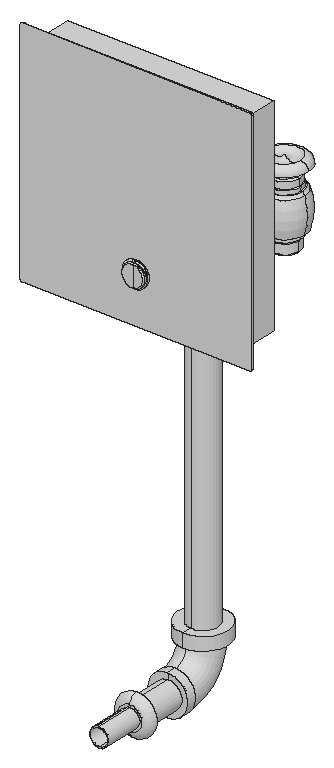
Revit family
Parameters (values of type "SOLIS 8152-1.28-SWB")
  Waste Connection = no
  Warranty = "3 Year (limited)"
  WFU = 0
  Vent Connection = no
  URL = "http://www.sloanvalve.com/"
  Spud Location = "Rear Spud"
  Revised Date = "27/11/2013"  # constant formula
  Product Page URL = "http://www.sloanvalve.com/Our_Products/48E2ACB1A5A34CF5B990483D785E300B.aspx"
  Product Documentation Link = "http://www.sloanvalve.com/Specifications/SOLIS8152SWB-HE.pdf"
  Price = "Prices may vary. Please consult Sloan Rep for most up-to-date price list."
  Operation = "Sensor-Activated"
  Mounting = "Concealed"
  Model = "SOLIS 8152-1.28-SWB"
  Material = "Semi-red Brass-Sloan-Chrome Plated"
  Manufacturer = "SLOAN"
  Inlet Spud Size = "1\" IPS"
  IAPMO Certification = "cUPC"
  High-Efficiency = yes
  HWFU = 0
  HW Connection = no
  Flush Volume(s)/Flow Rate(s) = "1.28 gpf (4.8 Lpf)"
  Flush Choice = "Single Flush"
  Fixture Color = "Not Applicable"
  Finish(es) = "Not Applicable"
  Description = "Concealed, solar-powered, sensor-activated SOLIS® Model Water Closet Flushometer for wall hung rear spud water closets."
  Default Elevation = 0"
  Creation Date = "23/05/2012"  # constant formula
  Cold Water Connection Radius = 1/2"
  CWFU = 10
  CW Connection = yes
  Buy American Act Compliant = yes
  Assembly Code = ""
  ADA Compliant = yes
Types (3): name | Product Documentation Link | Model | High-Efficiency | Flush Volume(s)/Flow Rate(s)
  (no name) | "http://www.sloanvalve.com/Specifications/SOLIS8152SWB-HE.pdf" | "SOLIS 8152-1.28-SWB" | yes | "1.28 gpf (4.8 Lpf)"
  SOLIS 8152-1.28-SWB | "http://www.sloanvalve.com/Specifications/SOLIS8152SWB-HE.pdf" | "SOLIS 8152-1.28-SWB" | yes | "1.28 gpf (4.8 Lpf)"
  SOLIS 8152-1.6-SWB | "http://www.sloanvalve.com/Specifications/SOLIS8152SWB.pdf" | "SOLIS 8152-1.6-SWB" | no | "1.6 gpf (6.0 Lpf)"
Reference planes (in)
  plane 1 "Center (Front/Back)": y = 0
  plane 2: z = 0
  plane 3 "Center (Left/Right)": x = 0
  plane 4: x = 4.75
  plane 5: y = 4.82465
  plane 6: z = 26
  plane 7: z = 21
  plane 8: x = -6.75
  plane 9: x = 6.75
  plane 10: z = 33
  plane 11: z = 21
  plane 12: y = -2.75
  plane 13: z = 27
  plane 14: z = 22.99964
  plane 15: z = 30
  plane 16: z = 31
  plane 17: x = -5.1775
  plane 18: x = 5.1775
  plane 19: z = 20.24964
  plane 20: z = 33.74964
  plane 21: x = -6
  plane 22: x = 6
  plane 23: z = 33
  plane 24: z = 22.24964
  plane 25: z = -0.5
Forms (in)
  Revolve 1, solid, material "Semi-red Brass-Sloan-Chrome Plated"
    sketch origin (0, -18.15331, 0) x (0, -1, 0) y (0, 0, 1)
      loop
        line (-15.40331, -0.54854) -> (-15.40331, -0.5) -> (-20.93814, -0.5) -> (-20.93814, -1.16552) -> (-20.41904, -1.16552) -> (-20.41904, -0.79319) -> (-18.15331, -0.79319) -> (-18.15331, -1.16552)
        arc (-18.15331, -1.16552) -> (-17.80979, -1.0352) -> (-17.64945, -0.70462) r 0.49739
        line (-17.64945, -0.70462) -> (-17.64945, -0.54854) -> (-15.40331, -0.54854)
      axis (-15.40331, 0) -> (-20.93814, 0)
    angle from 0 to 360
  Sweep 2, solid, material "Semi-red Brass-Sloan-Chrome Plated"
    path origin (0, -18.59289, 0) x (0, -1, 0) y (0, 0, 1)
      loop
        arc (-21.37772, 0) -> (-22.78335, 0.58223) -> (-23.36558, 1.98786) r 1.98786
    profile origin (0, 4.77269, 1.98786) x (0, 1, 0) y (-1, 0, 0)
      loop
        circle (0, 0) r 1.125
  Revolve 3, solid, material "Semi-red Brass-Sloan-Chrome Plated"
    sketch origin (0, -18.40539, 0) x (0, -1, 0) y (0, 0, 1)
      loop
        line (-23.23004, 1.98786) -> (-21.77834, 1.98786) -> (-21.77834, 2.73786) -> (-22.3689, 2.73786) -> (-22.3689, 21.97191) -> (-22.09001, 22.25081)
        arc (-22.09001, 22.25081) -> (-21.95663, 22.30606) -> (-21.90138, 22.43943) r 0.18862
        line (-21.90138, 22.43943) -> (-21.90138, 22.78773)
        arc (-21.90138, 22.78773) -> (-21.94648, 22.89659) -> (-22.05535, 22.94169) r 0.15396
        line (-22.05535, 22.94169) -> (-22.25438, 22.94169) -> (-22.25438, 24.47133)
        arc (-22.25438, 24.47133) -> (-22.19474, 24.66048) -> (-22.03739, 24.78122) r 0.32979
        arc (-22.03739, 24.78122) -> (-21.85584, 25.1274) -> (-21.74596, 25.50254) r 1.97681
        line (-21.74596, 25.50254) -> (-21.74596, 26.23332)
        arc (-21.74596, 26.23332) -> (-21.62335, 26.61067) -> (-21.30236, 26.84389) r 0.64199
        line (-21.30236, 26.84389) -> (-21.18967, 26.84389) -> (-21.18967, 27.87744) -> (-23.23004, 27.87744) -> (-23.23004, 1.98786)
      axis (-23.23004, 27.87744) -> (-23.23004, 1.98786)
    angle from 0 to 360
  Extrusion 4, solid, material "Semi-red Brass-Sloan-Chrome Plated"
    sketch origin (0, 0, 1.86267) x (1, 0, 0) y (0, 0, 1)
      loop
        arc (-6.62573, 31.88697) -> (-6.7136, 31.85057) -> (-6.75, 31.7627) r 0.12427
        line (-6.75, 31.7627) -> (-6.75, 18.51197)
        arc (-6.75, 18.51197) -> (-6.71339, 18.42358) -> (-6.625, 18.38697) r 0.125
        line (-6.625, 18.38697) -> (6.625, 18.38697)
        arc (6.625, 18.38697) -> (6.71339, 18.42358) -> (6.75, 18.51197) r 0.125
        line (6.75, 18.51197) -> (6.75, 31.76197)
        arc (6.75, 31.76197) -> (6.71339, 31.85036) -> (6.625, 31.88697) r 0.125
        line (6.625, 31.88697) -> (-6.62573, 31.88697)
    from 0 to 0.0625
  Extrusion 5, solid, material "Semi-red Brass-Sloan-Chrome Plated"
    sketch origin (0.27476, 1.71663, 2.01833) x (1, 0, 0) y (0, 0, 1)
      loop
        line (5.72524, 30.98167) -> (-6.27476, 30.98167) -> (-6.27476, 18.98167) -> (5.72524, 18.98167) -> (5.72524, 30.98167)
      loop
        line (4.47524, 30.35667) -> (-0.02476, 30.35667)
        arc (-0.02476, 30.35667) -> (-0.27476, 30.10667) -> (-0.52476, 30.35667) r 0.25
        line (-0.52476, 30.35667) -> (-5.02476, 30.35667) -> (-5.02476, 19.60667) -> (-0.52476, 19.60667)
        arc (-0.52476, 19.60667) -> (-0.27476, 19.85667) -> (-0.02476, 19.60667) r 0.25
        line (-0.02476, 19.60667) -> (4.47524, 19.60667) -> (4.47524, 30.35667)
    from 1.59163 to 1.71663
  Revolve 6, solid, material "Semi-red Brass-Sloan-Chrome Plated"
    sketch origin (-13.25169, 4.82465, 4.09327) x (1, 0, 0) y (0, 0, 1)
      loop
        line (18.00169, 24.65193) -> (18.00169, 19.85221) -> (18.79187, 19.85221) -> (18.82939, 19.88973) -> (18.82939, 20.46353) -> (18.92662, 20.56075) -> (18.92662, 20.75617)
        arc (18.92662, 20.75617) -> (18.96609, 20.84484) -> (19.0584, 20.87483) r 0.11931
        line (19.0584, 20.87483) -> (19.16301, 20.87483)
        arc (19.16301, 20.87483) -> (19.34571, 21.88998) -> (19.16301, 22.90514) r 2.91172
        arc (19.16301, 22.90514) -> (19.08313, 22.98015) -> (19.0435, 23.08232) r 0.24734
        line (19.0435, 23.08232) -> (18.93396, 23.08232) -> (18.93396, 23.29033) -> (18.86876, 23.33107) -> (18.86876, 23.70756) -> (18.7489, 23.774) -> (18.34288, 23.774) -> (18.34288, 24.2234) -> (19.35022, 24.2234)
        arc (19.35022, 24.2234) -> (19.2247, 24.52642) -> (18.92168, 24.65193) r 0.42854
        arc (18.92168, 24.65193) -> (18.46169, 24.41251) -> (18.00169, 24.65193) r 0.5616
      axis (18.00169, 24.65193) -> (18.00169, 19.85221)
    angle from 0 to 360
  Revolve 7, solid, material "Semi-red Brass-Sloan-Chrome Plated"
    sketch origin (-13.25169, 4.82465, 4.09327) x (1, 0, 0) y (0, 0, 1)
      loop
        line (17.24942, 21.90673) -> (13.84228, 21.90673) -> (13.84228, 20.90294) -> (15.02405, 20.90294) -> (15.02405, 21.07048) -> (15.39925, 21.07048) -> (15.39925, 20.8567) -> (15.55995, 20.8567) -> (15.55995, 20.95471) -> (15.88886, 20.95471) -> (15.88886, 20.8567) -> (16.0328, 20.8567)
        arc (16.0328, 20.8567) -> (16.08028, 20.897) -> (16.14167, 20.90746) r 0.11782
        line (16.14167, 20.90746) -> (16.68151, 20.90746)
        arc (16.68151, 20.90746) -> (16.73986, 20.89717) -> (16.79118, 20.86755) r 0.17062
        line (16.79118, 20.86755) -> (17.24942, 20.86755) -> (17.24942, 21.90673)
      axis (17.24942, 21.90673) -> (13.84228, 21.90673)
    angle from 0 to 360
  Revolve 8, solid, material "Semi-red Brass-Sloan-Chrome Plated"
    sketch origin (0, 0, 0.04813) x (0, 1, 0) y (0, 0, 1)
      loop
        line (-0.0625, 22.20151) -> (-0.0625, 22.95151) -> (-0.33616, 22.95151) -> (-0.33616, 22.34831) -> (-0.25946, 22.2946) -> (-0.18051, 22.2946) -> (-0.12676, 22.20151) -> (-0.0625, 22.20151)
      axis (-0.33616, 22.95151) -> (-0.0625, 22.95151)
    angle from 0 to 360
  Revolve 9, solid, material "Semi-red Brass-Sloan-Chrome Plated"
    sketch origin (-24.84375, 4.82465, 6.61694) x (1, 0, 0) y (0, 0, 1)
      loop
        line (24.18012, 18.29689) -> (24.18012, 18.85546) -> (23.23421, 18.85546) -> (23.15916, 18.93051) -> (22.9699, 18.93051) -> (22.8878, 18.84841) -> (22.8878, 18.74126) -> (22.76546, 18.74126) -> (22.76546, 18.29689) -> (24.18012, 18.29689)
      axis (24.18012, 18.29689) -> (22.76546, 18.29689)
    angle from 0 to 360
  Revolve 10, solid, material "Semi-red Brass-Sloan-Chrome Plated"
    sketch origin (-24.84375, 4.82465, 6.61694) x (1, 0, 0) y (0, 0, 1)
      loop
        line (22.52153, 17.19237) -> (22.67651, 17.19237) -> (22.67651, 17.37909) -> (22.71037, 17.41295) -> (22.71037, 17.49717) -> (22.67379, 17.53374) -> (22.71037, 17.57031) -> (22.71037, 17.69222) -> (22.77243, 17.75428) -> (22.77243, 18.4754) -> (22.52153, 18.4754) -> (22.52153, 17.19237)
      axis (22.52153, 18.4754) -> (22.52153, 17.19237)
    angle from 0 to 360
  Revolve 11, solid, material "Semi-red Brass-Sloan-Chrome Plated"
    sketch origin (-24.84375, 4.82465, 6.61694) x (1, 0, 0) y (0, 0, 1)
      loop
        line (22.06675, 18.32591) -> (22.51147, 18.32591) -> (22.51147, 18.50472) -> (22.44321, 18.57298) -> (22.19321, 18.57298) -> (22.06675, 18.44651) -> (22.06675, 18.32591)
      axis (22.51147, 18.32591) -> (22.06675, 18.32591)
    angle from 0 to 360
  Revolve 12, solid, material "Semi-red Brass-Sloan-Chrome Plated"
    sketch origin (-24.84375, 4.82465, 6.61694) x (1, 0, 0) y (0, 0, 1)
      loop
        line (21.94406, 17.48172) -> (22.09062, 17.48172) -> (22.09062, 17.6488) -> (22.13752, 17.6488) -> (22.13752, 17.96244) -> (21.94406, 17.96244) -> (21.94406, 17.48172)
      axis (21.94406, 17.96244) -> (21.94406, 17.48172)
    angle from 0 to 360
  Revolve 13, solid, material "Semi-red Brass-Sloan-Chrome Plated"
    sketch origin (-24.84375, 4.82465, 43.2571) x (1, 0, 0) y (0, 0, -1)
      loop
        line (21.94406, 17.48172) -> (22.09062, 17.48172) -> (22.09062, 17.6488) -> (22.13752, 17.6488) -> (22.13752, 17.96244) -> (22.09773, 17.96244) -> (22.09773, 18.67772) -> (21.94406, 18.67772) -> (21.94406, 17.48172)
      axis (21.94406, 18.67772) -> (21.94406, 17.48172)
    angle from 0 to 360
  Revolve 14, solid, material "Semi-red Brass-Sloan-Chrome Plated"
    sketch origin (-17.34561, 4.82465, 7.40625) x (1, 0, 0) y (0, 0, 1)
      loop
        line (14.72071, 20.84922) -> (14.72071, 20.50947) -> (15.22071, 20.50947) -> (15.22071, 20.66988) -> (17.62663, 20.66988) -> (17.62663, 20.84922) -> (14.72071, 20.84922)
      axis (17.62663, 20.84922) -> (14.72071, 20.84922)
    angle from 0 to 360
  Revolve 15, solid, material "Semi-red Brass-Sloan-Chrome Plated"
    sketch origin (-17.34561, 4.82465, 7.40625) x (1, 0, 0) y (0, 0, 1)
      loop
        line (14.93791, 21.65836) -> (14.93791, 21.08741) -> (15.12143, 21.08741) -> (15.12143, 21.50288) -> (15.0781, 21.50288) -> (15.0781, 21.65836) -> (14.93791, 21.65836)
      axis (14.93791, 21.65836) -> (14.93791, 21.08741)
    angle from 0 to 360
  Revolve 16, solid, material "Semi-red Brass-Sloan-Chrome Plated"
    sketch origin (-17.34561, 4.82465, 7.40625) x (1, 0, 0) y (0, 0, 1)
      loop
        line (14.97071, 20.67878) -> (14.80762, 20.67878) -> (14.80762, 20.45977) -> (14.68378, 20.45977) -> (14.68378, 19.92714) -> (14.74024, 19.87068) -> (14.97071, 19.87068) -> (14.97071, 20.67878)
      axis (14.97071, 20.67878) -> (14.97071, 19.87068)
    angle from 0 to 360
  Extrusion 17, solid, material "Semi-red Brass-Sloan-Chrome Plated"
    sketch origin (-0.25, 0, 7.65625) x (0, 1, 0) y (0, 0, 1)
      loop
        arc (4.64532, 20.43697) -> (4.82465, 20.35738) -> (5.00398, 20.43697) r 0.24183
        line (5.00398, 20.43697) -> (5.00398, 20.36726) -> (5.15006, 20.22119) -> (5.23844, 20.22119) -> (5.06648, 20.39315) -> (5.06648, 20.59922)
        arc (5.06648, 20.59922) -> (4.82465, 20.84105) -> (4.58282, 20.59922) r 0.24183
        line (4.58282, 20.59922) -> (4.58282, 20.39315) -> (4.41086, 20.22119) -> (4.49924, 20.22119) -> (4.64532, 20.36726) -> (4.64532, 20.43697)
    from 0 to 0.5
  Extrusion 18, solid, material "Semi-red Brass-Sloan-Chrome Plated"
    sketch origin (-17.32227, 4.8559, 7.30175) x (1, 0, 0) y (0, 0, 1)
      loop
        line (14.77931, 20.03164) -> (14.7169, 20.03164) -> (14.7169, 19.51601) -> (14.57424, 19.51601) -> (14.57424, 19.35106) -> (14.7169, 19.35106) -> (14.77931, 19.35106) -> (14.77931, 20.03164)
    from 0 to 0.0625
  Sweep 19, solid, material "Semi-red Brass-Sloan-Chrome Plated"
    path origin (0, 0, 0) x (1, 0, 0) y (0, 0, 1)
      loop
        line (-6, 33) -> (-6, 21) -> (6, 21) -> (6, 33) -> (-6, 33)
    profile origin (-6, 0, 33) x (-1, 0, 0) y (0, -1, 0)
      loop
        line (0, 0) -> (-0.0625, 0) -> (-0.0625, -2.5) -> (0, -2.5) -> (0, 0)
Cuts and joins
  joined: Revolve 1, Extrusion 4, Extrusion 5, Revolve 6, Revolve 7, Revolve 8, Sweep 19
  joined: Revolve 3, Revolve 9, Revolve 10, Revolve 11, Revolve 12, Revolve 13, Revolve 14, Revolve 15, Revolve 16, Extrusion 17
Lines and regions (in)
  Masking region 1
    outline origin (0, 0, 0) x (1, 0, 0) y (0, 1, 0)
      loop
        line (-0.54854, -2.75) -> (0.54854, -2.75) -> (0.54854, -0.50387) -> (0.70462, -0.50387)
        arc (0.70462, -0.50387) -> (1.01671, -0.37459) -> (1.14599, -0.0625) r 0.44137
        line (1.14599, -0.0625) -> (6.75, -0.0625) -> (6.75, 0) -> (6, 0) -> (6, 2.5) -> (1.16055, 2.5) -> (1.16055, 2.78435) -> (1.12652, 2.78435) -> (1.12652, 3.12346)
        arc (1.12652, 3.12346) -> (1.55515, 3.50381) -> (1.8611, 3.98835) r 2.04037
        line (1.8611, 3.98835) -> (2.14949, 3.98835) -> (2.14949, 3.77386) -> (2.30825, 3.77386) -> (2.30825, 3.87268) -> (2.63819, 3.87268) -> (2.63819, 3.77386) -> (2.78164, 3.77386)
        arc (2.78164, 3.77386) -> (2.81747, 3.80968) -> (2.8664, 3.82279) r 0.09787
        line (2.8664, 3.82279) -> (3.43247, 3.82279)
        arc (3.43247, 3.82279) -> (3.48868, 3.81719) -> (3.53642, 3.787) r 0.12265
        line (3.53642, 3.787) -> (3.88745, 3.787)
        arc (3.88745, 3.787) -> (6.09852, 4.82426) -> (3.88745, 5.86153) r 1.34884
        line (3.88745, 5.86153) -> (3.54091, 5.86153)
        arc (3.54091, 5.86153) -> (3.49407, 5.83449) -> (3.44081, 5.8251) r 0.15573
        line (3.44081, 5.8251) -> (2.89171, 5.8251)
        arc (2.89171, 5.8251) -> (2.82803, 5.83469) -> (2.78127, 5.87896) r 0.10746
        line (2.78127, 5.87896) -> (2.63716, 5.87896) -> (2.63716, 5.77285) -> (2.31215, 5.77285) -> (2.31215, 5.87896) -> (2.14756, 5.87896) -> (2.14756, 5.67125) -> (1.85644, 5.67125)
        arc (1.85644, 5.67125) -> (-0.21057, 6.85412) -> (-1.9907, 5.27209) r 2.04037
        line (-1.9907, 5.27209) -> (-2.07934, 5.27209) -> (-2.07934, 5.16736) -> (-2.62831, 5.16736) -> (-2.62831, 5.06821) -> (-2.66503, 5.06821) -> (-2.79557, 4.93767)
        arc (-2.79557, 4.93767) -> (-3.05337, 4.82465) -> (-2.79557, 4.71163) r 0.15368
        line (-2.79557, 4.71163) -> (-2.66503, 4.58109) -> (-2.62831, 4.58109) -> (-2.62831, 4.48194) -> (-2.07934, 4.48194) -> (-2.07934, 4.37721) -> (-1.9907, 4.37721)
        arc (-1.9907, 4.37721) -> (-1.68128, 3.66863) -> (-1.13043, 3.12606) r 2.04037
        line (-1.13043, 3.12606) -> (-1.13043, 2.78435) -> (-1.16445, 2.78435) -> (-1.16445, 2.5) -> (-6, 2.5) -> (-6, 0) -> (-6.75, 0) -> (-6.75, -0.0625) -> (-1.14599, -0.0625)
        arc (-1.14599, -0.0625) -> (-1.01671, -0.37459) -> (-0.70462, -0.50387) r 0.44137
        line (-0.70462, -0.50387) -> (-0.54854, -0.50387) -> (-0.54854, -2.75)
  Masking region 2
    outline origin (0, 0, 0) x (1, 0, 0) y (0, 0, 1)
      loop
        line (-6.86587, 33.77651) -> (-6.86587, 20.27651) -> (-0.86587, 20.27651) -> (-0.86587, 2.73786) -> (-1.4517, 2.73786) -> (-1.4517, 1.98786) -> (-1.125, 1.98786) -> (-1.125, -0.22045)
        arc (-1.125, -0.22045) -> (0, -1.12356) -> (1.125, -0.22045) r 1.15226
        line (1.125, -0.22045) -> (1.125, 1.98786) -> (1.4517, 1.98786) -> (1.4517, 2.73786) -> (0.86587, 2.73786) -> (0.86587, 20.27651) -> (6.88413, 20.27651) -> (6.88413, 33.77651) -> (-6.86587, 33.77651)
  Masking region 3
    outline origin (0, 0, 0) x (0, 1, 0) y (0, 0, 1)
      loop
        line (2.5, 33) -> (0, 33) -> (0, 33.74964) -> (-0.0625, 33.74964) -> (-0.0625, 23.74964) -> (-0.12676, 23.74964) -> (-0.18051, 23.65654) -> (-0.25946, 23.65654) -> (-0.33616, 23.60283) -> (-0.33616, 22.39644) -> (-0.25946, 22.34273) -> (-0.18051, 22.34273) -> (-0.12676, 22.24964) -> (-0.0625, 22.24964) -> (-0.0625, 20.24964) -> (0, 20.24964) -> (0, 21) -> (2.5, 21) -> (2.5, 33)
      loop
        line (4.96484, 29.06461) -> (4.68446, 29.06461) -> (4.68446, 28.90913) -> (4.64113, 28.90913) -> (4.64113, 28.7452) -> (3.89113, 28.7452)
        arc (3.89113, 28.7452) -> (3.58811, 28.61968) -> (3.46259, 28.31666) r 0.42854
        line (3.46259, 28.31666) -> (4.48603, 28.31666) -> (4.48603, 27.95262) -> (4.41086, 27.87744) -> (2.78428, 27.87744) -> (2.78428, 26.84389) -> (2.89697, 26.84389)
        arc (2.89697, 26.84389) -> (3.2255, 26.61905) -> (3.33781, 26.23713) r 0.59298
        line (3.33781, 26.23713) -> (3.33781, 25.48713)
        arc (3.33781, 25.48713) -> (3.45542, 25.12189) -> (3.632, 24.78122) r 2.30484
        arc (3.632, 24.78122) -> (3.79634, 24.64764) -> (3.84562, 24.44166) r 0.32995
        line (3.84562, 24.44166) -> (3.84562, 22.94166) -> (3.6488, 22.94166)
        arc (3.6488, 22.94166) -> (3.53581, 22.89485) -> (3.489, 22.78186) r 0.1598
        line (3.489, 22.78186) -> (3.489, 22.43272)
        arc (3.489, 22.43272) -> (3.54719, 22.29916) -> (3.68462, 22.25081) r 0.18239
        line (3.68462, 22.25081) -> (3.97548, 21.95994) -> (3.97548, 2.73786) -> (3.34279, 2.73786) -> (3.34279, 1.98786) -> (3.64769, 1.98786)
        arc (3.64769, 1.98786) -> (3.39496, 1.37773) -> (2.78483, 1.125) r 0.86286
        line (2.78483, 1.125) -> (2.78483, 1.16552) -> (2.26572, 1.16552) -> (2.26572, 0.79319) -> (0, 0.79319) -> (0, 1.16552)
        arc (0, 1.16552) -> (-0.34612, 1.03804) -> (-0.50387, 0.70462) r 0.48746
        line (-0.50387, 0.70462) -> (-0.50387, 0.54854) -> (-2.75387, 0.54854) -> (-2.75387, -0.54854) -> (-0.50387, -0.54854) -> (-0.50387, -0.70462)
        arc (-0.50387, -0.70462) -> (-0.34612, -1.03804) -> (0, -1.16552) r 0.48746
        line (0, -1.16552) -> (0, -0.79319) -> (2.26572, -0.79319) -> (2.26572, -1.16552) -> (2.78483, -1.16552) -> (2.78483, -1.125)
        arc (2.78483, -1.125) -> (4.98595, -0.21326) -> (5.89769, 1.98786) r 3.11286
        line (5.89769, 1.98786) -> (6.30651, 1.98786) -> (6.30651, 2.73786) -> (5.67382, 2.73786) -> (5.67382, 21.95994) -> (5.96468, 22.25081)
        arc (5.96468, 22.25081) -> (6.10211, 22.29916) -> (6.1603, 22.43272) r 0.18239
        line (6.1603, 22.43272) -> (6.1603, 22.78186)
        arc (6.1603, 22.78186) -> (6.11349, 22.89485) -> (6.0005, 22.94166) r 0.1598
        line (6.0005, 22.94166) -> (5.80368, 22.94166) -> (5.80368, 24.44166)
        arc (5.80368, 24.44166) -> (5.85296, 24.64764) -> (6.0173, 24.78122) r 0.32995
        arc (6.0173, 24.78122) -> (6.19388, 25.12189) -> (6.31149, 25.48713) r 2.30484
        line (6.31149, 25.48713) -> (6.31149, 26.23713)
        arc (6.31149, 26.23713) -> (6.4238, 26.61905) -> (6.75233, 26.84389) r 0.59298
        line (6.75233, 26.84389) -> (6.86502, 26.84389) -> (6.86502, 27.87744) -> (5.23844, 27.87744) -> (5.16327, 27.95262) -> (5.16327, 28.31666) -> (6.18671, 28.31666)
        arc (6.18671, 28.31666) -> (6.06119, 28.61968) -> (5.75817, 28.7452) r 0.42854
        line (5.75817, 28.7452) -> (5.00817, 28.7452) -> (5.00817, 28.90913) -> (4.96484, 28.90913) -> (4.96484, 29.06461)
  model lines
    curve 1: arc (-0.54327, -0.0625, 25.45673) -> (0, -0.0625, 26) -> (0.54327, -0.0625, 25.45673) r 0.54327
    curve 2: line (-0.54327, -0.0625, 25.45673) -> (-0.54327, -0.0625, 24.76923)
    curve 3: arc (-0.54327, -0.0625, 24.76923) -> (0, -0.0625, 24.22597) -> (0.54327, -0.0625, 24.76923) r 0.54327
    curve 4: line (0.54327, -0.0625, 24.76923) -> (0.54327, -0.0625, 25.45673)
    curve 5: circle (-5.1775, -0.0625, 31) r 0.25 normal (0, -1, 0)
    curve 6: circle (5.1775, -0.0625, 31) r 0.25 normal (0, 1, 0)
    curve 7: circle (-5.1775, -0.0625, 22.99964) r 0.25 normal (0, -1, 0)
    curve 8: circle (5.1775, -0.0625, 22.99964) r 0.25 normal (0, 1, 0)
  symbolic lines, detail levels medium+fine
    curve 9: line (-1.14599, -0.0625, 0) -> (1.14599, -0.0625, 0)
    curve 10: line (-6, 0, 0) -> (6, 0, 0)
    curve 11: line (-1.15664, 2.5, 0) -> (1.15664, 2.5, 0)
    curve 12: arc (3.88745, 5.86153, 0) -> (3.40265, 4.82426, 0) -> (3.88745, 3.787, 0) r 1.35207
    curve 14: line (-1.12262, 2.78435, 0) -> (1.12738, 2.78435, 0)
    curve 15: line (2.63716, 5.77285, 0) -> (2.63716, 3.87263, 0)
    curve 16: line (2.14756, 5.67125, 0) -> (2.14756, 3.99428, 0)
    curve 17: line (2.31215, 5.77285, 0) -> (2.31215, 3.87156, 0)
    curve 22: line (-0.54854, -0.50387, 0) -> (0.54854, -0.50387, 0)
    curve 25: line (-0.86587, 0, 20.27651) -> (0.86587, 0, 20.27651)
    curve 26: line (-0.86587, 0, 2.73786) -> (0.86587, 0, 2.73786)
    curve 27: line (-1.125, 0, 1.98786) -> (1.125, 0, 1.98786)
    curve 35: line (0, 5.23844, 27.87744) -> (0, 4.41086, 27.87744)
    curve 36: line (0, 5.16327, 28.31666) -> (0, 4.48603, 28.31666)
    curve 37: line (0, 5.00817, 28.7452) -> (0, 4.64113, 28.7452)
    curve 38: line (0, 5.80368, 22.94166) -> (0, 3.84562, 22.94166)
    curve 39: line (0, 5.68579, 21.97191) -> (0, 3.96351, 21.97191)
    curve 40: line (0, 5.67382, 2.73786) -> (0, 3.96351, 2.73786)
    curve 41: line (0, 5.89769, 1.98786) -> (0, 3.64769, 1.98786)
    curve 42: line (0, 2.78483, 1.125) -> (0, 2.78483, -1.125)
    curve 43: line (0, 2.26572, 0.79319) -> (0, 2.26572, -0.79319)
    curve 44: line (0, 0, 0.79319) -> (0, 0, -0.79319)
    curve 45: line (0, -0.50387, 0.54854) -> (0, -0.50387, -0.54854)
    curve 46: line (-0.75, -0.12676, 0) -> (-0.75, -0.0625, 0)
    curve 47: line (-0.75, -0.12676, 0) -> (-0.6569, -0.18051, 0)
    curve 48: line (-0.6569, -0.18051, 0) -> (-0.6569, -0.25946, 0)
    curve 49: line (-0.6569, -0.25946, 0) -> (-0.6032, -0.33616, 0)
    curve 50: line (-0.6032, -0.33616, 0) -> (0.6032, -0.33616, 0)
    curve 51: line (0.6032, -0.33616, 0) -> (0.6569, -0.25946, 0)
    curve 52: line (0.6569, -0.25946, 0) -> (0.6569, -0.18051, 0)
    curve 53: line (0.6569, -0.18051, 0) -> (0.75, -0.12676, 0)
    curve 54: line (0.75, -0.12676, 0) -> (0.75, -0.0625, 0)
    curve 57: line (0.6569, -0.18051, 0) -> (-0.6569, -0.18051, 0)
    curve 58: arc (-1.13043, 3.12606, 0) -> (-0.00234, 2.78429, 0) -> (1.12652, 3.12346, 0) r 2.04037
    curve 59: arc (1.85644, 5.67125, 0) -> (2.04793, 4.83033, 0) -> (1.8611, 3.98835, 0) r 1.96609
    curve 60: line (0, 5.61697, 23.94548) -> (0, 4.03233, 23.94548)
    curve 61: line (0, 3.99695, 24.55679) -> (0, 3.99695, 23.98085)
    curve 62: line (0, 3.99695, 23.98085) -> (0, 4.03233, 23.94548)
    curve 63: line (0, 3.99695, 24.55679) -> (0, 3.89428, 24.65947)
    curve 64: line (0, 3.89428, 24.65947) -> (0, 3.89428, 24.9681)
    curve 65: line (0, 3.89428, 24.9681) -> (0, 3.66508, 24.9681)
    curve 66: arc (0, 3.66508, 24.9681) -> (0, 3.47509, 25.98325) -> (0, 3.66508, 26.9984) r 2.80706
    curve 67: line (0, 3.66508, 26.9984) -> (0, 3.84227, 27.17558)
    curve 68: line (0, 3.84227, 27.17558) -> (0, 3.89243, 27.17558)
    curve 69: line (0, 3.89243, 27.17558) -> (0, 3.89243, 27.38175)
    curve 70: line (0, 3.89243, 27.38175) -> (0, 3.96092, 27.4213)
    curve 71: line (0, 3.96092, 27.4213) -> (0, 3.96092, 27.80348)
    curve 72: line (0, 3.96092, 27.80348) -> (0, 4.09603, 27.87744)
    curve 73: line (0, 5.65235, 24.55679) -> (0, 5.65235, 23.98085)
    curve 74: line (0, 5.65235, 23.98085) -> (0, 5.61697, 23.94548)
    curve 75: line (0, 5.65235, 24.55679) -> (0, 5.75502, 24.65947)
    curve 76: line (0, 5.75502, 24.65947) -> (0, 5.75502, 24.9681)
    curve 77: line (0, 5.75502, 24.9681) -> (0, 5.98422, 24.9681)
    curve 78: arc (0, 5.98422, 24.9681) -> (0, 6.17421, 25.98325) -> (0, 5.98422, 26.9984) r 2.80706
    curve 79: line (0, 5.98422, 26.9984) -> (0, 5.80703, 27.17558)
    curve 80: line (0, 5.80703, 27.17558) -> (0, 5.75687, 27.17558)
    curve 81: line (0, 5.75687, 27.17558) -> (0, 5.75687, 27.38175)
    curve 82: line (0, 5.75687, 27.38175) -> (0, 5.68838, 27.4213)
    curve 83: line (0, 5.68838, 27.4213) -> (0, 5.68838, 27.80348)
    curve 84: line (0, 5.68838, 27.80348) -> (0, 5.55327, 27.87744)
  symbolic lines
    curve 13: arc (-1.9907, 5.27209, 0) -> (-2.02791, 4.82465, 0) -> (-1.9907, 4.37721, 0) r 2.70895
    curve 34: line (0, -0.0625, 22.24964) -> (0, -0.0625, 23.74964)
  symbolic lines, detail levels fine
    curve 18: line (3.54091, 5.86153, 0) -> (3.54091, 5.41988, 0)
    curve 19: line (3.53642, 3.787, 0) -> (3.53642, 4.23789, 0)
    curve 20: line (-2.07934, 5.16736, 0) -> (-2.07934, 4.48194, 0)
    curve 21: line (-2.62831, 5.06821, 0) -> (-2.62831, 4.58109, 0)
    curve 23: circle (0, 4.82465, 0) r 0.97566 normal (0, 0, 1)
    curve 24: circle (4.75, 4.82465, 0) r 0.8277 normal (0, 0, 1)
    curve 28: circle (0, 0, 22.99964) r 0.6032 normal (0, -1, 0)
    curve 29: circle (0, 0, 22.99964) r 0.75 normal (0, -1, 0)
    curve 30: arc (-0.54327, 0, 25.45673) -> (0, 0, 26) -> (0.54327, 0, 25.45673) r 0.54327
    curve 31: arc (-0.54327, 0, 24.76923) -> (0, 0, 24.22597) -> (0.54327, 0, 24.76923) r 0.54327
    curve 32: line (-0.54327, 0, 25.45673) -> (-0.54327, 0, 24.76923)
    curve 33: line (0.54327, 0, 24.76923) -> (0.54327, 0, 25.45673)
    curve 55: line (0.75, -0.12676, 0) -> (-0.75, -0.12676, 0)
    curve 56: line (-0.6569, -0.25946, 0) -> (0.6569, -0.25946, 0)
    curve 85: line (0, 3.99695, 24.55679) -> (0, 5.65235, 24.55679)
    curve 86: line (0, 5.75502, 24.9681) -> (0, 3.89428, 24.9681)
    curve 87: line (0, 3.89243, 27.17558) -> (0, 5.75687, 27.17558)
    curve 88: line (0, 5.68838, 27.4213) -> (0, 3.96092, 27.4213)
Dimensions and locks (in)
  plane 9 to plane 8 = 13 1/2"
  plane 20 to plane 19 = 13 1/2"
  plane 23 to plane 7 = 12"
  plane 22 to plane 21 = 12"
  plane 3 "Center (Left/Right)" to plane 17 = 5.1775"
  plane 14 to plane 19 = 2 3/4"
  plane 20 to plane 16 = 2.74964"
Connectors (in)
  piping at (4.75, 4.82465, 23.94548), driven by "Cold Water Connection Radius", driven by "CWFU"
    settings: on Revolve 6, index 1
